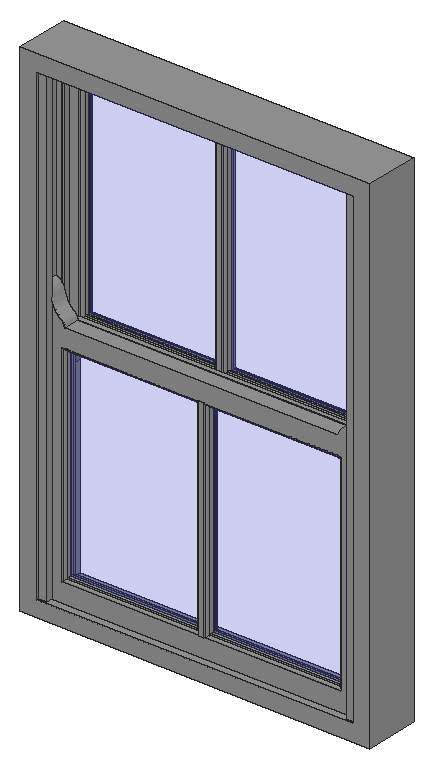
Revit family "HMEL2V", category Windows, host Wall, Revit 2015
Parameters (values of type "HMEL2V")
  Height = 1300 mm
  Default Lintel Height = 2100 mm
  Wall Closure = By host
  Width = 900 mm
Reference planes
  plane 1 "Center (Front/Back)": y = 0
  plane 2 "Center (Left/Right)": x = 0
  plane 3 "Left": x = -450
  plane 4 "Right": x = 450
  plane 5 "Sill": z = 800
  plane 6 "Head": z = 2100
  plane 7 "Exterior": y = 100
  plane 8 "Interior": y = -100
  plane 9: y = -28.5
  plane 10: y = 23.5
  plane 11: z = 1450
  plane 12: z = 1478.5
  plane 13: z = 1421.5
Forms (mm)
  Sweep 1, solid, material "Lauan, Meranti"
    path origin (-10500, 23.5, 2100) x (0, 0, -1) y (-1, 0, 0)
      loop
        line (0, -10950) -> (1300, -10950) -> (1300, -10050) -> (0, -10050) -> (0, -10950)
    profile origin (0, 23.5, 2100) x (0, 0, 1) y (0, 1, 0)
      loop
        line (0, 46.5) -> (-42, 46.5) -> (-42, -93.5) -> (0, -93.5) -> (0, 46.5)
  Sweep 2, solid, material "Lauan, Meranti"
    path origin (-10450, 31, 1912.5) x (0, 0, -1) y (-1, 0, 0)
      loop
        line (-145.5, -10858) -> (491, -10858) -> (491, -10042) -> (-145.5, -10042) -> (-145.5, -10858)
    profile origin (0, 31, 2058) x (0, 0, 1) y (0, 1, 0)
      loop
        line (-48, 18.5) -> (-48, -6.5) -> (-57, -6.5) -> (-57, -14.499) -> (-53.996, -14.499)
        arc (-53.996, -14.499) -> (-52.238, -18.744) -> (-47.994, -20.502) r 6.002
        line (-47.994, -20.502) -> (-47.994, -23.5) -> (0, -23.5) -> (0, 18.5) -> (-48, 18.5)
  Extrusion 3, solid, material "Lauan, Meranti"
    sketch origin (-10450, 7.5, 1912.5) x (0, 0, -1) y (-1, 0, 0)
      loop
        line (491, -10801) -> (491, -10858) -> (576, -10858)
        spline (576, -10858) -> (568.022, -10845.331) -> (558.494, -10838.581) -> (548.752, -10835.386) -> (540.116, -10833.399) -> (533.202, -10831.197) -> (527.644, -10828.636) -> (523.005, -10825.669) -> (518.783, -10822.149) -> (514.297, -10817.644) -> (508.83, -10811.691) -> (501.472, -10805.147) -> (491, -10801)
      loop
        spline (491, -10099) -> (501.472, -10094.853) -> (508.83, -10088.309) -> (514.297, -10082.356) -> (518.783, -10077.851) -> (523.005, -10074.331) -> (527.644, -10071.364) -> (533.202, -10068.803) -> (540.116, -10066.601) -> (548.752, -10064.614) -> (558.494, -10061.419) -> (568.022, -10054.669) -> (576, -10042)
        line (576, -10042) -> (491, -10042) -> (491, -10099)
    from 0 to 42
  Sweep 4, solid, material "Lauan, Meranti"
    path origin (-10450, 16, 1912.5) x (0, 0, -1) y (-1, 0, 0)
      loop
        line (434, -10858) -> (1070.5, -10858) -> (1070.5, -10042) -> (434, -10042) -> (434, -10858)
    profile origin (0, 16, 1478.5) x (0, 0, 1) y (0, 1, 0)
      loop
        line (0, -65.5) -> (0, -23.5) -> (-48, -23.5) -> (-48, -48.5) -> (-57, -48.5) -> (-57, -56.499) -> (-53.996, -56.499)
        arc (-53.996, -56.499) -> (-52.238, -60.744) -> (-47.994, -62.502) r 6.002
        line (-47.994, -62.502) -> (-47.994, -65.5) -> (0, -65.5)
  Extrusion 5, solid, material "Lauan, Meranti"
    sketch origin (95.571, 187.242, 1042) x (1, 0, 0) y (0, 1, 0)
      loop
        line (290.429, -194.742) -> (293.929, -194.742) -> (293.929, -187.742) -> (296.929, -187.742) -> (296.929, -194.742) -> (312.429, -194.742) -> (312.429, -182.742) -> (309.429, -182.742) -> (309.429, -179.742) -> (290.429, -179.742) -> (290.429, -194.742)
      loop
        line (290.429, -236.742) -> (290.429, -251.742) -> (309.429, -251.742) -> (309.429, -248.742) -> (312.429, -248.742) -> (312.429, -236.742) -> (296.929, -236.742) -> (296.929, -243.742) -> (293.929, -243.742) -> (293.929, -236.742) -> (290.429, -236.742)
      loop
        line (-481.571, -194.742) -> (-481.571, -179.742) -> (-500.571, -179.742) -> (-500.571, -182.742) -> (-503.571, -182.742) -> (-503.571, -194.742) -> (-488.071, -194.742) -> (-488.071, -187.742) -> (-485.071, -187.742) -> (-485.071, -194.742) -> (-481.571, -194.742)
      loop
        line (-481.571, -236.742) -> (-485.071, -236.742) -> (-485.071, -243.742) -> (-488.071, -243.742) -> (-488.071, -236.742) -> (-503.571, -236.742) -> (-503.571, -248.742) -> (-500.571, -248.742) -> (-500.571, -251.742) -> (-481.571, -251.742) -> (-481.571, -236.742)
    from -200 to 1016
  Extrusion 6, solid, material "Lauan, Meranti"
    sketch origin (-10450, -49.5, 987.5) x (0, 0, 1) y (1, 0, 0)
      loop
        spline (491, 10801) -> (501.472, 10805.147) -> (508.83, 10811.691) -> (514.297, 10817.644) -> (518.783, 10822.149) -> (523.005, 10825.669) -> (527.644, 10828.636) -> (533.202, 10831.197) -> (540.116, 10833.399) -> (548.752, 10835.386) -> (558.494, 10838.581) -> (568.022, 10845.331) -> (576, 10858)
        line (576, 10858) -> (491, 10858) -> (491, 10801)
      loop
        line (491, 10099) -> (491, 10042) -> (576, 10042)
        spline (576, 10042) -> (568.022, 10054.669) -> (558.494, 10061.419) -> (548.752, 10064.614) -> (540.116, 10066.601) -> (533.202, 10068.803) -> (527.644, 10071.364) -> (523.005, 10074.331) -> (518.783, 10077.851) -> (514.297, 10082.356) -> (508.83, 10088.309) -> (501.472, 10094.853) -> (491, 10099)
    from 0 to 42
  Extrusion 7, solid, material "Lauan, Meranti"
    sketch origin (-350, 0, -200) x (0, -1, 0) y (0, 0, 1)
      loop
        line (7.5, 1678.5) -> (-7.5, 1678.5) -> (-7.5, 1659.5) -> (-4.5, 1659.5) -> (-4.5, 1656.5) -> (7.5, 1656.5) -> (7.5, 1672) -> (0.5, 1672) -> (0.5, 1675) -> (7.5, 1675) -> (7.5, 1678.5)
    from 36 to -736
  Extrusion 8, solid, material "Lauan, Meranti"
    sketch origin (0, -31, -408.948) x (1, 0, 0) y (0, 1, 0)
      loop
        line (-6.5, 23.5) -> (-6.5, -1.5) -> (-15.5, -1.5) -> (-15.5, -9.5) -> (-12.5, -9.5)
        arc (-12.5, -9.5) -> (-10.743, -13.743) -> (-6.5, -15.5) r 6
        line (-6.5, -15.5) -> (-6.5, -18.5) -> (6.5, -18.5) -> (6.5, -15.5)
        arc (6.5, -15.5) -> (10.743, -13.743) -> (12.5, -9.5) r 6
        line (12.5, -9.5) -> (15.5, -9.5) -> (15.5, -1.5) -> (6.5, -1.5) -> (6.5, 23.5) -> (-6.5, 23.5)
    from 1298.942 to 1839.455
  Extrusion 9, solid, material "Lauan, Meranti"
    sketch origin (0, 26, 221.687) x (1, 0, 0) y (0, 1, 0)
      loop
        line (-6.5, 23.5) -> (-6.5, -1.5) -> (-15.5, -1.5) -> (-15.5, -9.5) -> (-12.5, -9.5)
        arc (-12.5, -9.5) -> (-10.743, -13.743) -> (-6.5, -15.5) r 6
        line (-6.5, -15.5) -> (-6.5, -18.5) -> (6.5, -18.5) -> (6.5, -15.5)
        arc (6.5, -15.5) -> (10.743, -13.743) -> (12.5, -9.5) r 6
        line (12.5, -9.5) -> (15.5, -9.5) -> (15.5, -1.5) -> (6.5, -1.5) -> (6.5, 23.5) -> (-6.5, 23.5)
    from 1247.813 to 1788.313
  Sweep 10, solid, material "Lauan, Meranti"
    path origin (110.355, 92.5, -754.367) x (1, 0, 0) y (0, 0, 1)
      loop
        line (249.651, 2184.873) -> (-103.855, 2184.873) -> (-103.855, 1644.367) -> (249.651, 1644.367) -> (249.651, 2184.873)
    profile origin (183.253, 92.5, 1430.506) x (0, 0, -1) y (0, -1, 0)
      loop
        arc (0, 110.6) -> (4.67, 112.234) -> (7, 116.6) r 6.807
        line (7, 116.6) -> (9, 116.6) -> (9, 118.6) -> (0, 118.6) -> (0, 110.6)
  Sweep 11, solid, material "Lauan, Meranti"
    path origin (-75.529, 107.5, -276.192) x (1, 0, 0) y (0, 0, 1)
      loop
        line (435.529, 2286.192) -> (82.029, 2286.192) -> (82.029, 1745.692) -> (435.529, 1745.692) -> (435.529, 2286.192)
    profile origin (183.25, 107.5, 2010) x (0, 0, -1) y (0, -1, 0)
      loop
        arc (0, 68.6) -> (4.67, 70.234) -> (7, 74.6) r 6.807
        line (7, 74.6) -> (9, 74.6) -> (9, 76.6) -> (0, 76.6) -> (0, 68.6)
  Extrusion 12, solid, material "Glass"
    sketch origin (-10619.381, -32.5, 1510.594) x (0, 0, -1) y (-1, 0, 0)
      loop
        line (80.088, -10979.388) -> (620.6, -10979.388) -> (620.6, -10625.881) -> (80.088, -10625.881) -> (80.088, -10979.388)
      loop
        line (80.088, -10612.881) -> (620.6, -10612.881) -> (620.6, -10259.375) -> (80.088, -10259.375) -> (80.088, -10612.881)
    from 0 to 6.4
  Extrusion 13, solid, material "Glass"
    sketch origin (-10542.729, 24.5, 2074.561) x (0, 0, -1) y (-1, 0, 0)
      loop
        line (64.561, -10902.729) -> (605.061, -10902.729) -> (605.061, -10549.229) -> (64.561, -10549.229) -> (64.561, -10902.729)
      loop
        line (64.561, -10536.229) -> (605.061, -10536.229) -> (605.061, -10182.729) -> (64.561, -10182.729) -> (64.561, -10536.229)
    from 0 to 6.4
  Sweep 14, solid, material "Lauan, Meranti"
    path origin (-110.355, 92.5, -754.367) x (-1, 0, 0) y (0, 0, -1)
      loop
        line (249.651, -2184.873) -> (249.651, -1644.367) -> (-103.855, -1644.367) -> (-103.855, -2184.873) -> (249.651, -2184.873)
    profile origin (-183.253, 92.5, 1430.506) x (0, 0, 1) y (0, -1, 0)
      loop
        line (0, 110.6) -> (0, 118.6) -> (-9, 118.6) -> (-9, 116.6) -> (-7, 116.6)
        arc (-7, 116.6) -> (-4.67, 112.234) -> (0, 110.6) r 6.807
  Sweep 15, solid, material "Lauan, Meranti"
    path origin (75.529, 107.5, -276.192) x (-1, 0, 0) y (0, 0, -1)
      loop
        line (435.529, -2286.192) -> (435.529, -1745.692) -> (82.029, -1745.692) -> (82.029, -2286.192) -> (435.529, -2286.192)
    profile origin (-183.25, 107.5, 2010) x (0, 0, 1) y (0, -1, 0)
      loop
        line (0, 68.6) -> (0, 76.6) -> (-9, 76.6) -> (-9, 74.6) -> (-7, 74.6)
        arc (-7, 74.6) -> (-4.67, 70.234) -> (0, 68.6) r 6.807
Cuts and joins
  joined: Sweep 4, Extrusion 6
  joined: Sweep 2, Extrusion 3
Lines and regions (mm)
  Opening 1
    outline origin (3500, -100, 0) x (1, 0, 0) y (0, 0, 1)
      loop
        line (-3050, 800) -> (-3050, 2100) -> (-3950, 2100) -> (-3950, 800) -> (-3050, 800)
  model lines
    curve 1: line (408, 49.5, 2058) -> (0, 49.5, 1421.5)
    curve 2: line (-408, 49.5, 2058) -> (0, 49.5, 1421.5)
    curve 3: line (-158.25, -7.5, 949.922) -> (-158.25, -7.5, 1229.922)
    curve 4: line (-158.25, -7.5, 1369) -> (-102.059, -7.5, 1229.922)
    curve 5: line (-102.059, -7.5, 1229.922) -> (-214.441, -7.5, 1229.922)
    curve 6: line (-158.25, -7.5, 1369) -> (-214.441, -7.5, 1229.922)
Text (mm)
  text "EXTERIOR" at (-1963.203, 1332.353, 0), in view "Ref. Level"
  text "INTERIOR" at (-1981.466, -818.386, 0), in view "Ref. Level"
  text "Exterior" at (0, 923.751, 2943.296), in view "Right"
  text "Exterior" at (0, 1040.484, 2685.409), in view "Left"
Dimensions and locks
  equal spacing: plane 3 "Left", plane 2 "Center (Left/Right)", plane 4 "Right"
  "Width": plane 3 "Left" to plane 4 "Right"
  "Height": plane 5 "Sill" to plane 6 "Head"
  "Default Lintel Height": plane 6 "Head" to level
  locked: plane 7 "Exterior" to host wall at 0
  locked: plane 8 "Interior" to host wall
  locked: plane 10 to plane 9 at 52
  plane 3 "Left" to plane 4 "Right" = 900 mm
  aligned and locked: Sweep 1 sketch curve to host wall  (x4)
  aligned and locked: Extrusion 7 to Extrusion 5
  aligned and locked: Sweep 4 sketch curve to Sweep 1  (x2)
  aligned and locked: Sweep 1 to Sweep 2 sketch curve
  aligned and locked: Sweep 2 sketch curve to Sweep 1
  aligned and locked: Extrusion 5 to Sweep 1  (x2)
  aligned and locked: Extrusion 8 to Sweep 4
  aligned and locked: Extrusion 9 to Sweep 2  (x2)
  aligned and locked: Extrusion 12 sketch curve to Extrusion 12 sketch curve
  aligned and locked: Sweep 10 sketch curve to Sweep 4  (x2)
  aligned and locked: Sweep 10 sketch curve to Extrusion 8
  aligned and locked: Sweep 4 to Sweep 10 sketch curve
  aligned and locked: Sweep 11 sketch curve to Sweep 2  (x2)
  aligned and locked: Sweep 11 sketch curve to Extrusion 9
  aligned and locked: Sweep 2 to Sweep 11 sketch curve
  aligned and locked: Extrusion 12 to Sweep 4  (x5)
  aligned and locked: Extrusion 12 to Extrusion 8  (x2)
  aligned and locked: Extrusion 13 to Sweep 2  (x6)
  aligned and locked: Extrusion 13 to Extrusion 9  (x2)
Automatic sketch dimensions
  plane 3 "Left" to Opening 1 sketch curve = 0 mm
  plane 4 "Right" to Opening 1 sketch curve = 0 mm
  Opening 1 sketch curve to plane 5 "Sill" = 0 mm
  Opening 1 sketch curve to plane 6 "Head" = 0 mm
  profile plane to Sweep 1 sketch curve = 0 mm
  profile plane to Sweep 1 sketch curve = 42 mm
  Sweep 1 sketch curve to plane 10 = 93.5 mm
  plane 10 to Sweep 1 sketch curve = 46.5 mm
  plane 2 "Center (Left/Right)" to curve 1 = 0 mm
  curve 1 to plane 13 = 0 mm
  curve 2 to plane 3 "Left" = 42 mm
  plane 4 "Right" to curve 1 = 42 mm
  plane 6 "Head" to curve 2 = 42 mm
  plane 6 "Head" to curve 1 = 42 mm
  plane 13 to curve 6 = 52.5 mm
  curve 4 to curve 5 = 139.078 mm
  plane 2 "Center (Left/Right)" to curve 6 = 214.441 mm
  curve 5 to curve 4 = 56.191 mm
  plane 2 "Center (Left/Right)" to curve 5 = 102.059 mm
  curve 3 to plane 5 "Sill" = 149.922 mm
  curve 3 to curve 4 = 56.191 mm
  Sweep 2 sketch curve to plane 13 = 0 mm
  plane 4 "Right" to Sweep 2 sketch curve = 42 mm
  profile plane to Sweep 2 sketch curve = 0 mm
  Sweep 2 sketch curve to profile plane = 23.5 mm
  profile plane to Sweep 2 sketch curve = 47.994 mm
  Sweep 2 sketch curve to Sweep 2 sketch curve = 0.006 mm
  Sweep 2 sketch curve to Sweep 2 sketch curve = 6.002 mm
  Sweep 2 sketch curve to Sweep 2 sketch curve = 3.004 mm
  Sweep 2 sketch curve to Sweep 2 sketch curve = 2.998 mm
  Sweep 2 sketch curve to profile plane = 6.5 mm
  profile plane to Sweep 2 sketch curve = 18.5 mm
  Extrusion 3 sketch curve to plane 13 = 0 mm  (x2)
  Extrusion 3 sketch curve to plane 3 "Left" = 42 mm
  Extrusion 3 sketch curve to Extrusion 3 sketch curve = 85 mm
  plane 4 "Right" to Extrusion 3 sketch curve = 42 mm
  plane 13 to Extrusion 3 sketch curve = 85 mm
  Extrusion 3 sketch curve to Extrusion 3 sketch curve = 57 mm  (x2)
  Sweep 4 sketch curve to plane 12 = 0 mm
  plane 4 "Right" to Sweep 4 sketch curve = 42 mm
  profile plane to Sweep 4 sketch curve = 0 mm
  profile plane to Sweep 4 sketch curve = 47.994 mm
  Sweep 4 sketch curve to Sweep 4 sketch curve = 0.006 mm
  Sweep 4 sketch curve to Sweep 4 sketch curve = 6.002 mm
  Sweep 4 sketch curve to Sweep 4 sketch curve = 3.004 mm
  Sweep 4 sketch curve to profile plane = 65.5 mm
  Sweep 4 sketch curve to Sweep 4 sketch curve = 2.998 mm
  Sweep 4 sketch curve to Sweep 4 sketch curve = 7.999 mm
  Sweep 4 sketch curve to profile plane = 23.5 mm
  Extrusion 5 sketch curve to plane 3 "Left" = 42 mm  (x2)
  host wall to Extrusion 5 sketch curve = 7.5 mm  (x2)
  Extrusion 5 sketch curve to Extrusion 5 sketch curve = 3 mm  (x11)
  Extrusion 5 sketch curve to Extrusion 5 sketch curve = 15.5 mm  (x2)
  host wall to Extrusion 5 sketch curve = 0.5 mm  (x2)
  Extrusion 5 sketch curve to Extrusion 5 sketch curve = 3.5 mm  (x4)
  plane 4 "Right" to Extrusion 5 sketch curve = 64 mm
  Extrusion 5 sketch curve to plane 9 = 21 mm
  Extrusion 5 sketch curve to Extrusion 5 sketch curve = 0 mm  (x4)
  Extrusion 5 sketch curve to Extrusion 5 sketch curve = 12.5 mm  (x2)
  Extrusion 5 sketch curve to host wall = 4.5 mm  (x2)
  Extrusion 5 sketch curve to Extrusion 5 sketch curve = 7 mm  (x2)
  Extrusion 5 sketch curve to plane 9 = 28 mm
  Extrusion 5 sketch curve to Extrusion 5 sketch curve = 5 mm  (x2)
  Extrusion 5 sketch curve to Extrusion 5 sketch curve = 12 mm
  Extrusion 5 sketch curve to host wall = 7.5 mm
  Extrusion 6 sketch curve to plane 12 = 0 mm  (x2)
  Extrusion 6 sketch curve to plane 3 "Left" = 42 mm
  Extrusion 6 sketch curve to Extrusion 6 sketch curve = 85 mm  (x2)
  plane 4 "Right" to Extrusion 6 sketch curve = 42 mm
  Extrusion 6 sketch curve to Extrusion 6 sketch curve = 57 mm  (x2)
  Extrusion 7 sketch curve to plane 12 = 0 mm
  Extrusion 7 sketch curve to host wall = 7.5 mm
  Extrusion 7 sketch curve to Extrusion 7 sketch curve = 3 mm  (x2)
  host wall to Extrusion 7 sketch curve = 0.5 mm
  Extrusion 7 sketch curve to Extrusion 7 sketch curve = 7 mm
  host wall to Extrusion 7 sketch curve = 7.5 mm
  Extrusion 7 sketch curve to plane 12 = 3.5 mm
  plane 11 to Extrusion 7 sketch curve = 9.5 mm
  plane 11 to Extrusion 7 sketch curve = 6.5 mm
  plane 2 "Center (Left/Right)" to Extrusion 8 sketch curve = 15.5 mm
  Extrusion 8 sketch curve to Extrusion 8 sketch curve = 3 mm  (x3)
  plane 2 "Center (Left/Right)" to Extrusion 8 sketch curve = 6.5 mm  (x2)
  Extrusion 8 sketch curve to plane 2 "Center (Left/Right)" = 6.5 mm  (x2)
  Extrusion 8 sketch curve to Extrusion 8 sketch curve = 6 mm
  Extrusion 8 sketch curve to plane 9 = 4 mm  (x2)
  Extrusion 8 sketch curve to Extrusion 8 sketch curve = 8 mm
  Extrusion 8 sketch curve to plane 9 = 12 mm
  host wall to Extrusion 8 sketch curve = 7.5 mm
  Extrusion 9 sketch curve to plane 10 = 7 mm
  plane 2 "Center (Left/Right)" to Extrusion 9 sketch curve = 15.5 mm
  Extrusion 9 sketch curve to Extrusion 9 sketch curve = 3 mm  (x3)
  plane 10 to Extrusion 9 sketch curve = 1 mm  (x2)
  plane 2 "Center (Left/Right)" to Extrusion 9 sketch curve = 6.5 mm  (x2)
  Extrusion 9 sketch curve to plane 2 "Center (Left/Right)" = 6.5 mm  (x2)
  Extrusion 9 sketch curve to Extrusion 9 sketch curve = 6 mm
  Extrusion 9 sketch curve to host wall = 10.5 mm
  Extrusion 9 sketch curve to Extrusion 9 sketch curve = 25 mm
  Sweep 10 sketch curve to profile plane = 0 mm
  Sweep 10 sketch curve to profile plane = 0.241 mm
  Sweep 10 sketch curve to Sweep 10 sketch curve = 6.759 mm
  Sweep 10 sketch curve to Sweep 10 sketch curve = 2 mm  (x2)
  profile plane to Sweep 10 sketch curve = 110.6 mm
  Sweep 10 sketch curve to Sweep 10 sketch curve = 6 mm
  Sweep 11 sketch curve to profile plane = 0 mm
  Sweep 11 sketch curve to profile plane = 0.241 mm
  Sweep 11 sketch curve to Sweep 11 sketch curve = 6.759 mm
  Sweep 11 sketch curve to Sweep 11 sketch curve = 2 mm  (x2)
  profile plane to Sweep 11 sketch curve = 68.6 mm
  Sweep 11 sketch curve to Sweep 11 sketch curve = 6 mm
  Extrusion 12 sketch curve to plane 12 = 47.994 mm
  Extrusion 12 sketch curve to plane 5 "Sill" = 89.994 mm
  Extrusion 12 sketch curve to Extrusion 12 sketch curve = 0 mm
  plane 4 "Right" to Extrusion 12 sketch curve = 89.994 mm
  Extrusion 12 sketch curve to plane 2 "Center (Left/Right)" = 6.5 mm
  Extrusion 12 sketch curve to Extrusion 12 sketch curve = 13 mm
  Extrusion 12 sketch curve to plane 3 "Left" = 89.994 mm
  plane 6 "Head" to Extrusion 13 sketch curve = 90 mm  (x2)
  Extrusion 13 sketch curve to plane 12 = 9 mm
  Extrusion 13 sketch curve to Extrusion 13 sketch curve = 0 mm
  plane 4 "Right" to Extrusion 13 sketch curve = 90 mm
  Extrusion 13 sketch curve to plane 2 "Center (Left/Right)" = 6.5 mm
  Extrusion 13 sketch curve to Extrusion 13 sketch curve = 13 mm
  Extrusion 13 sketch curve to plane 3 "Left" = 90 mm
  plane 2 "Center (Left/Right)" to Sweep 14 sketch curve = 6.5 mm
  Sweep 14 sketch curve to plane 3 "Left" = 89.994 mm
  Sweep 14 sketch curve to plane 13 = 9.006 mm
  Sweep 14 sketch curve to plane 5 "Sill" = 90 mm
  profile plane to Sweep 14 sketch curve = 0 mm
  profile plane to Sweep 14 sketch curve = 0.241 mm
  Sweep 14 sketch curve to Sweep 14 sketch curve = 6.759 mm
  Sweep 14 sketch curve to Sweep 14 sketch curve = 2 mm  (x2)
  profile plane to Sweep 14 sketch curve = 110.6 mm
  Sweep 14 sketch curve to Sweep 14 sketch curve = 6 mm
  plane 2 "Center (Left/Right)" to Sweep 15 sketch curve = 6.5 mm
  Sweep 15 sketch curve to plane 12 = 9 mm
  Sweep 15 sketch curve to plane 3 "Left" = 90 mm
  plane 6 "Head" to Sweep 15 sketch curve = 90 mm
  profile plane to Sweep 15 sketch curve = 0 mm
  profile plane to Sweep 15 sketch curve = 0.241 mm
  Sweep 15 sketch curve to Sweep 15 sketch curve = 6.759 mm
  Sweep 15 sketch curve to Sweep 15 sketch curve = 2 mm  (x2)
  profile plane to Sweep 15 sketch curve = 68.6 mm
  Sweep 15 sketch curve to Sweep 15 sketch curve = 6 mm
